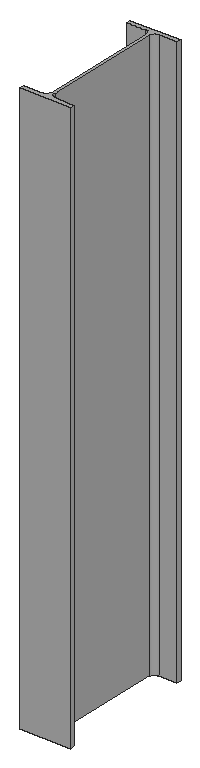
Revit family "Steel Column IPE", category Structural Columns, Revit 2015
Parameters (values of type "IPE600")
  W = 1.2009
  Structural Material [instance] = Steel
  Assembly Code = ""
  bf = 220 mm
  d = 600 mm
  k = 43 mm
  kr = k - tf  # 24 mm
  tf = 19 mm
  tw = 12 mm
  A = 0.0156 m²
Reference planes
  plane 1: y = 0
  plane 2: z = 0
  plane 3: x = 0
  plane 4: x = -110
  plane 5: x = 110
  plane 6: y = 300
  plane 7: y = -300
  plane 8: x = -3.969
  plane 9: x = 3.969
Forms (mm)
  Extrusion 1, solid, material "Steel" <- "Structural Material", detail levels medium
    sketch origin (0, 0, 0) x (1, 0, 0) y (0, 1, 0)
      loop
        line (-110, 300) -> (-110, 281) -> (-6, 281) -> (-6, -281) -> (-110, -281) -> (-110, -300) -> (110, -300) -> (110, -281) -> (6, -281) -> (6, 281) -> (110, 281) -> (110, 300) -> (-110, 300)
    from 0 to 2500
  Extrusion 2, solid, material "Steel" <- "Structural Material", detail levels fine
    sketch origin (0, 0, 0) x (1, 0, 0) y (0, 1, 0)
      loop
        line (-110, 300) -> (-110, 281) -> (-30, 281)
        arc (-30, 281) -> (-13.029, 273.971) -> (-6, 257) r 24
        line (-6, 257) -> (-6, -257)
        arc (-6, -257) -> (-13.029, -273.971) -> (-30, -281) r 24
        line (-30, -281) -> (-110, -281) -> (-110, -300) -> (110, -300) -> (110, -281) -> (30, -281)
        arc (30, -281) -> (13.029, -273.971) -> (6, -257) r 24
        line (6, -257) -> (6, 257)
        arc (6, 257) -> (13.029, 273.971) -> (30, 281) r 24
        line (30, 281) -> (110, 281) -> (110, 300) -> (-110, 300)
    from 0 to 2500
Lines and regions (mm)
  symbolic lines, style "StructuralColumnStickSymbols", detail levels coarse
    curve 1: line (-110, 300, 0) -> (110, 300, 0)
    curve 2: line (-110, -300, 0) -> (110, -300, 0)
    curve 3: line (0, 300, 0) -> (0, -300, 0)
  symbolic lines, style "Hidden Faces", detail levels medium+fine
    curve 4: line (-6, 0, 0) -> (-6, 0, 2500)
    curve 5: line (6, 0, 2500) -> (6, 0, 0)
Dimensions and locks
  equal spacing: plane 4, plane 3, plane 5
  equal spacing: plane 7, plane 1, plane 6
  "d": plane 7 to plane 6
  "bf": plane 4 to plane 5
  "tf": plane 7 to Extrusion 1 sketch curve
  "tf": Extrusion 1 sketch curve to plane 6
  equal spacing: Extrusion 1 sketch curve, plane 3, Extrusion 1 sketch curve
  "tw": Extrusion 1 sketch curve to Extrusion 1 sketch curve
  "kr": radius of Extrusion 2 sketch curve  (x4)
  aligned and locked: plane 6 to Extrusion 1 sketch curve
  aligned and locked: Extrusion 1 sketch curve to plane 7
  aligned and locked: plane 4 to Extrusion 1 sketch curve
  aligned and locked: Extrusion 1 sketch curve to plane 4
  aligned and locked: plane 5 to Extrusion 1 sketch curve
  aligned and locked: Extrusion 1 sketch curve to plane 5
  aligned and locked: Extrusion 1 sketch curve to Extrusion 1 sketch curve  (x2)
  aligned and locked: level to Extrusion 1
  aligned and locked: level to plane 2
  aligned and locked: Extrusion 1 to plane 2
  aligned and locked: plane 6 to Extrusion 2 sketch curve
  aligned and locked: Extrusion 2 sketch curve to plane 5
  aligned and locked: plane 4 to Extrusion 2 sketch curve
  aligned and locked: Extrusion 2 sketch curve to Extrusion 1  (x6)
  aligned and locked: Extrusion 2 sketch curve to plane 7
  aligned and locked: plane 5 to Extrusion 2 sketch curve
  aligned and locked: Extrusion 2 sketch curve to plane 4
  aligned and locked: level to Extrusion 2
  aligned and locked: Extrusion 2 to level
  aligned and locked: level to curve 5
  aligned and locked: level to curve 4
  aligned and locked: curve 5 to Extrusion 1
  aligned and locked: curve 4 to Extrusion 1
  aligned and locked: plane 2 to curve 5
  aligned and locked: plane 2 to curve 4
Automatic sketch dimensions
  curve 2 to plane 4 = 0 mm
  curve 1 to plane 4 = 0 mm
  curve 3 to plane 3 = 0 mm
  curve 2 to plane 5 = 0 mm
  curve 1 to plane 5 = 0 mm
  curve 3 to plane 7 = 0 mm
  curve 3 to plane 6 = 0 mm
Types in the file's own list only (17): name | W | bf | d | k | kr | tf | tw | A
  IPE80 | 0.05884 | 46 mm | 80 mm | 10 mm | 5 mm | 5 mm | 4 mm | 0.00 m²
  IPE100 | 0.079336 | 55 mm | 100 mm | 13 mm | 7 mm | 6 mm | 4 mm | 0.00 m²
  IPE120 | 0.101597 | 64 mm | 120 mm | 13 mm | 7 mm | 6 mm | 4 mm | 0.00 m²
  IPE140 | 0.126212 | 73 mm | 140 mm | 14 mm | 7 mm | 7 mm | 5 mm | 0.00 m²
  IPE160 | 0.154749 | 82 mm | 160 mm | 16 mm | 9 mm | 7 mm | 5 mm | 0.00 m²
  IPE180 | 0.183973 | 91 mm | 180 mm | 17 mm | 9 mm | 8 mm | 5 mm | 0.00 m²
  IPE200 | 0.219375 | 100 mm | 200 mm | 21 mm | 12 mm | 9 mm | 6 mm | 0.00 m²
  IPE220 | 0.25713 | 110 mm | 220 mm | 21 mm | 12 mm | 9 mm | 6 mm | 0.00 m²
  IPE240 | 0.300966 | 120 mm | 240 mm | 25 mm | 15 mm | 10 mm | 6 mm | 0.00 m²
  IPE270 | 0.353334 | 135 mm | 270 mm | 25 mm | 15 mm | 10 mm | 7 mm | 0.00 m²
  IPE300 | 0.414135 | 150 mm | 300 mm | 26 mm | 15 mm | 11 mm | 7 mm | 0.01 m²
  IPE330 | 0.481899 | 160 mm | 330 mm | 30 mm | 18 mm | 12 mm | 8 mm | 0.01 m²
  IPE360 | 0.559666 | 170 mm | 360 mm | 31 mm | 18 mm | 13 mm | 8 mm | 0.01 m²
  IPE400 | 0.650475 | 180 mm | 400 mm | 35 mm | 21 mm | 14 mm | 9 mm | 0.01 m²
  IPE450 | 0.760604 | 190 mm | 450 mm | 36 mm | 21 mm | 15 mm | 9 mm | 0.01 m²
  IPE500 | 0.892994 | 200 mm | 500 mm | 37 mm | 21 mm | 16 mm | 10 mm | 0.01 m²
  IPE550 | 1.031562 | 210 mm | 550 mm | 41 mm | 24 mm | 17 mm | 11 mm | 0.01 m²
